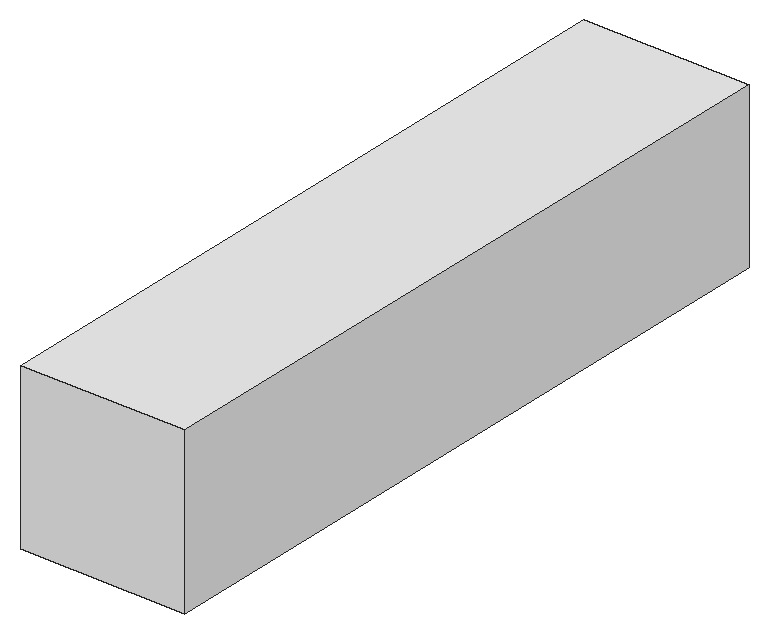
Revit family "Sanitary_Accessories_57106-PRESTO-Linea-Wall-mounted-sensor-mixer-FR", category Pipe Accessories, Revit 2018
Family settings
  Round Connector Dimension = Use Diameter
  Part Type = Normal
  Work Plane-Based = No
  Always vertical = Yes
  Cut with Voids When Loaded = No
  Shared = No
Parameters (values of type "57106 PRESTO Linea  - Mitigeur électronique mural pour lavabo")
  Youtube clip = ""
  Weight Net (Kg) = ""
  Uniformat II Description = ""
  Uniformat II Code = ""
  Uniclass 2015 Name = ""
  Uniclass 2015 Code = ""
  Uniclass 2.0 Description = ""
  Uniclass 2.0 Code = ""
  Uniclass 1.4 Description = ""
  Uniclass 1.4 Code = ""
  URL du produit = "http://www.prestodatashare.com/centretelechargement/index.php?lang=FR&refs=57106"
  URL = "http://www.presto.fr"
  UNSPSC Code = ""
  Technical description = "http://www.prestodatashare.com/espacedoc/Fiches_Techniques/GB/57106.pdf"
  Region South America = ""
  Region Oceania = ""
  Region North America = ""
  Region Middle East = ""
  Region Europe = ""
  Region Asia = ""
  Region Antarctica = ""
  Region Africa = ""
  Raccordement = "Alimentation hydraulique : Flexibles G 3/8'' (12x17)\r\nAlimentation électrique : Pile lithium 6V CR 123 intégrée dans le corps du robinet"  # constant formula
  QR code = "https://www.bimobject.com/presto/product/pre-linea-57106"
  Profondeur = 257.5 mm  # constant formula
  Product url = "http://www.prestodatashare.com/centretelechargement/index.php?lang=GB&refs=57106"
  Product name = "57106 PRESTO Linea - Wall-mounted sensor mixer"
  Product group = "Washbasin"
  Product family = "Sanitary"
  Product data url = "https://www.bimobject.com/presto/product/pre-linea-57106"
  Product certification = ""
  Product SKU = "PRE-LINEA-57106"
  Product Guid = "c0bfd503-1771-46ad-87b7-1ec52eeee832"
  Pression [instance] = "1 à 5 bars"  # constant formula
  Perte de charge [instance] = 5.00 bar
  OmniClass Description = ""
  OmniClass Code = ""
  NBS Reference Description = ""
  NBS Reference Code = ""
  Model = "57106"
  Matériau [instance] = Corps en laiton chromé, intérieur lisse
  Masterformat 2014 Description = ""
  Masterformat 2014 Code = ""
  Manufacturer name = "Presto"
  Manufacturer country = ""
  Manufacturer = "LES ROBINETS PRESTO S.A."  # constant formula
  Lien notice d'utilisation = "http://www.prestodatashare.com/centretelechargement/support.php?ref=57106&lang=FR"
  Lien fiche produit = "http://www.prestodatashare.com/espacedoc/Fiches_Techniques/FR/57106.pdf"
  Lien CCTP = "http://www.prestodatashare.com/centretelechargement/index.php?lang=FR&refs=57106"
  Largeur = 60 mm  # constant formula
  Installation instructions = "http://www.prestodatashare.com/centretelechargement/support.php?ref=57106&lang=GB"
  IFC Classification = ""
  Hauteur = 60 mm  # constant formula
  Garantie = "10 ans"  # constant formula
  Fonction = "Débit : 3 l/mn par régulateur de débit intégré\r\nAérateur anti-tartre haute qualité"  # constant formula
  Flux = 3.00183 L/min
  Edition number = 1
  EAN code = ""
  Diamètre Nominal = 9.5 mm  # constant formula
  Design country = ""
  Description = "Traversée de cloison, Pile, 3l/min\r\nDéclenchement sans contact adapté PMR"  # constant formula
  Date of publishing = ""
  COBIe Type Category = ""
  Brand url = ""
  BIMobject category = "Sanitary Accessories"
  Adresse = "7, RUE RACINE - 92542 MONTROUGE CEDEX FRANCE"  # constant formula
Reference planes
  plane 1 "Center (Front/Back)": y = 0
  plane 2: z = 0
  plane 3 "Center (Left/Right)": x = 0
  plane 4: x = -30
  plane 5: x = 30
  plane 6: y = -257.5
  plane 7: z = 60
Forms (mm)
  Extrusion 1, solid, material "Corps en laiton chromé, intérieur lisse" <- "Matériau", detail levels fine
    sketch origin (0, 0, 0) x (1, 0, 0) y (0, 1, 0)
      loop
        line (-30, 0) -> (-30, -257.5) -> (30, -257.5) -> (30, 0) -> (-30, 0)
    from 0 to 60
Lines and regions (mm)
  symbolic lines
    curve 1: line (-30, 0, 0) -> (30, 0, 0)
    curve 2: line (30, 0, 0) -> (-30, -257.5, 0)
    curve 3: line (-30, -257.5, 0) -> (30, -257.5, 0)
    curve 4: line (30, -257.5, 0) -> (-30, 0, 0)
  model lines, detail levels coarse+medium
    curve 5: line (-30, -257.5, 30) -> (30, -257.5, 30)
    curve 6: line (30, -257.5, 30) -> (-30, 0, 30)
    curve 7: line (-30, 0, 30) -> (30, 0, 30)
    curve 8: line (30, 0, 30) -> (-30, -257.5, 30)
Dimensions and locks
  equal spacing: plane 4, plane 3 "Center (Left/Right)", plane 5
  "Largeur": plane 4 to plane 5
  "Hauteur": plane 7 to level
  "Profondeur": plane 6 to plane 1 "Center (Front/Back)"
  aligned and locked: plane 2 to level
  aligned and locked: Extrusion 1 sketch curve to plane 4
  aligned and locked: plane 5 to Extrusion 1 sketch curve
  aligned and locked: Extrusion 1 sketch curve to plane 6
  aligned and locked: plane 7 to Extrusion 1
  aligned and locked: Extrusion 1 to plane 1 "Center (Front/Back)"
  aligned and locked: plane 6 to Extrusion 1
  aligned and locked: plane 4 to curve 4
  aligned and locked: curve 3 to plane 4
  aligned and locked: plane 5 to curve 2
  aligned and locked: plane 5 to curve 4
  aligned and locked: plane 6 to curve 4
  aligned and locked: plane 6 to curve 3
  aligned and locked: plane 1 "Center (Front/Back)" to curve 4
  aligned and locked: plane 1 "Center (Front/Back)" to curve 2
Automatic sketch dimensions
  plane 1 "Center (Front/Back)" to Extrusion 1 sketch curve = 0 mm
  curve 8 to plane 4 = 0 mm
  plane 1 "Center (Front/Back)" to curve 7 = 0 mm
  curve 7 to plane 4 = 0 mm
  curve 7 to plane 5 = 0 mm
  curve 6 to plane 5 = 0 mm
  plane 6 to curve 5 = 0 mm
Connectors
  piping at (0, 0, 30), diameter 9.5, driven by "Diamètre Nominal", driven by "Flux", driven by "Perte de charge"
    settings: on Extrusion 1, index 1, connector inside diameter 24", connector length 0 mm, flow factor 0, pipe flow 3.00183 L/min, pressure drop 5.00 bar, fitting loss kfactor 0, connector angle 0.00°, fixture units 0, engagement length 0 mm, angle of deflection 0.00°, flow configuration 0, flow direction 1, fitting loss method 4, system type 20, joint type 0, gender type 0, connector reference index -1, connector utility 0, adjustable connector no, is connector primary yes, connector description "Water input"
